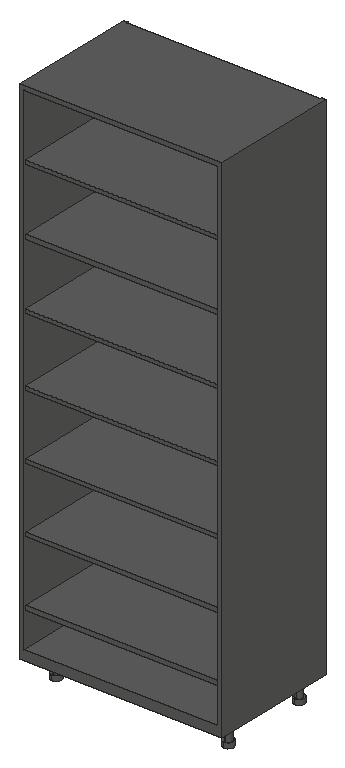
Revit family "Cabinet-Teknion-CETO_Tall_Cabinet_Open-R2023", category Furniture, Revit 2023
Family settings
  OmniClass Number = 23.40.20.00
  OmniClass Title = General Furniture and Specialties
  Work Plane-Based = No
  Enable Cutting in Views = No
  Always vertical = Yes
  Cut with Voids When Loaded = No
  Render Appearance Source = Family Geometry
  Shared = Yes
  Room Calculation Point = No
Parameters (values of type "24D,96H")
  Width [instance] = 36.000"
  Warranty = "http://www.teknion.com/ca/papers/legal-canada"
  Unit Weight URL = "http://www.teknion.com/ca/tools/assets#&asset=bee6a381-b954-425e-8283-5a2de3a804f2,f828d448-4b62-4231-9e5f-9a8991c0ed77"
  URL = "www.teknion.com"
  To render please download texture images found here [instance] = "https://assets.teknion.com/web/5e81352c1dfdb467/revit-material-swatches/"
  Sustainability Data = "https://www.teknion.com/ca/tools/assets#&topic=216f99a5-57a0-44fc-b10a-9dee9b29ae4c&asset=444deb64-fe58-4b68-981e-f75e97781df7,b4ff2d81-9f2e-437d-9659-7cffb09c31cf"
  Series = "Expansion Casework+"  # constant formula
  Product Page URL = "https://www.teknion.com/ca//products/product-details?productLineId=30ca1270-8e7a-673b-a6c8-ff05004460c4"
  Product Line = "Storage Cabinets"  # constant formula
  Product Documentation Link = "https://www.teknion.com/pricing/expansion-casework/pdfs/CETO_ppg.pdf"
  Part Number = "CETO"  # constant formula
  Model = "CETO24__96"
  Manufacturer Phone = "416-661-3370"  # constant formula
  Manufacturer Fax = "416.661.4586"  # constant formula
  Manufacturer Contact Information = "http://www.teknion.com/ca/contactus"
  Manufacturer Address = "1150 Flint Road, Toronto, ON. M3J 2J5. Canada"  # constant formula
  Manufacturer = "Teknion"  # constant formula
  Lower Shelf Dim = if(Height = 72.000", 31.350", 36.299")  # 36.299"
  How To Use Teknion Materials User Guide [instance] = "https://assets.teknion.com/m/205dd0a49fa58060/original/How-to-add-a-Material-Library-and-Texture-Images-to-your-Revit-project.pdf"
  Height = 96.000"
  For Additional Finishes please visit [instance] = "https://assets.teknion.com/m/44a8009b046e5d47/original/Teknion_Materials_Library.zip"
  Fixed Shelf Dim = if(Height = 96.000", 35.709", if(Height = 90.000", 29.709", if(Height = 84.000", 36.000", 31.325")))  # 35.709"
  Fixed Shelf = or(Height = 96.000", Height = 90.000")  # yes
  Description = "Tall Cabinet – Open, 24D, 96H"
  Default Elevation = 0.000"
  Case Finish [instance] = Source Laminate - Teknion - LE - Ebony
  Available Width [instance] = "12\",15\",18\",21\",24\",27\",30\",33\",36\""  # constant formula
  Assembly Code = "E2020200"
  Actual Depth = 25.024"
Types (5): name | Width | Model | Lower Shelf Dim | Height | Fixed Shelf Dim | Fixed Shelf | Description | Case Finish
  (no name) | 36.000" | "CETO24__96" | 36.299" | 96.000" | 35.709" | yes | "Tall Cabinet – Open, 24D, 96H" | Source Laminate - Teknion - LE - Ebony
  24D,72H | 36.000" | "CETO24__72" | 31.350" | 72.000" | 31.325" | no | "Tall Cabinet – Open, 24D, 72H" | Source Laminate - Teknion - XM - Maple
  24D,84H | 21.000" | "CETO24__84" | 36.299" | 84.000" | 36.000" | no | "Tall Cabinet – Open, 24D, 84H" | Veneer - Teknion - VB - Flintwood - Black Walnut
  24D,90H | 21.000" | "CETO24__90" | 36.299" | 90.000" | 29.709" | yes | "Tall Cabinet – Open, 24D, 90H" | Flintwood - Teknion - FX - Flax
  24D,96H | 36.000" | "CETO24__96" | 36.299" | 96.000" | 35.709" | yes | "Tall Cabinet – Open, 24D, 96H" | Source Laminate - Teknion - LE - Ebony
Reference planes (in)
  plane 1 "Center Front/Back": y = -15.01181
  plane 2: z = 0
  plane 3 "Center Left/Right": x = 18
  plane 4 "Left": x = 0
  plane 5 "Right": x = 36
  plane 6 "Back": y = -2.49981
  plane 7 "Front": y = -27.52381
  plane 8 "Top": z = 96
  plane 9: x = 2.64453
  plane 10: x = 33.35547
Forms (in)
  Sweep 1, solid, material "Source Laminate - Teknion - LE - Ebony" <- "Case Finish"
    path origin (0, -15.01181, 0) x (1, 0, 0) y (0, 0, 1)
      loop
        line (18, 96) -> (18, 4.13386)
    profile origin (18, -15.01181, 50.06693) x (0, -1, 0) y (1, 0, 0)
      loop
        line (-11.49587, 17.29921) -> (10.6498, 17.29921) -> (10.6498, 18) -> (-12.512, 18) -> (-12.512, 17.29921) -> (-12.19704, 17.29921) -> (-12.19704, -17.29921) -> (-12.512, -17.29921) -> (-12.512, -18) -> (10.6498, -18) -> (10.6498, -17.29921) -> (-11.49587, -17.29921) -> (-11.49587, 17.29921)
  Sweep 2, solid, material "Source Laminate - Teknion - LE - Ebony" <- "Case Finish"
    path origin (0, 0, 0) x (1, 0, 0) y (0, 1, 0)
      loop
        line (18, -3.51594) -> (18, -25.66161)
    profile origin (18, -14.58877, 0) x (1, 0, 0) y (0, 0, 1)
      loop
        line (-17.29921, 96) -> (-17.29921, 95.29921) -> (17.29921, 95.29921) -> (17.29921, 96) -> (-17.29921, 96)
      loop
        line (-17.29921, 5.85039) -> (-17.29921, 4.13386) -> (17.29921, 4.13386) -> (17.29921, 5.85039) -> (-17.29921, 5.85039)
  Sweep 3, solid, material "Source Laminate - Teknion - LE - Ebony" <- "Case Finish"
    path origin (0, 0, 0) x (1, 0, 0) y (0, 1, 0)
      loop
        line (18, -3.51594) -> (18, -25.46476)
    profile origin (18, -14.49035, 0) x (1, 0, 0) y (0, 0, 1)
      loop
        line (-17.29921, 84.097) -> (-17.29921, 83.39621) -> (17.29921, 83.39621) -> (17.29921, 84.097) -> (-17.29921, 84.097)
      loop
        line (-17.29921, 72.194) -> (-17.29921, 71.49321) -> (17.29921, 71.49321) -> (17.29921, 72.194) -> (-17.29921, 72.194)
      loop
        line (-17.29921, 60.291) -> (-17.29921, 59.59021) -> (17.29921, 59.59021) -> (17.29921, 60.291) -> (-17.29921, 60.291)
  Sweep 4, solid, material "Source Laminate - Teknion - LE - Ebony" <- "Case Finish", visible <- "Fixed Shelf"
    path origin (0, 0, 0) x (1, 0, 0) y (0, 1, 0)
      loop
        line (18, -3.51594) -> (18, -25.46476)
    profile origin (18, -14.49035, 0) x (1, 0, 0) y (0, 0, 1)
      loop
        line (-17.29921, 47.99966) -> (-17.29921, 47.29887) -> (17.29921, 47.29887) -> (17.29921, 47.99966) -> (-17.29921, 47.99966)
  Sweep 5, solid, material "Source Laminate - Teknion - LE - Ebony" <- "Case Finish"
    path origin (0, 0, 0) x (1, 0, 0) y (0, 1, 0)
      loop
        line (18, -3.51594) -> (18, -25.46476)
    profile origin (18, -14.49035, 0) x (1, 0, 0) y (0, 0, 1)
      loop
        line (-17.29921, 12.19685) -> (17.29921, 12.19685) -> (17.29921, 12.89764) -> (-17.29921, 12.89764) -> (-17.29921, 12.19685)
      loop
        line (-17.29921, 23.89753) -> (17.29921, 23.89753) -> (17.29921, 24.59832) -> (-17.29921, 24.59832) -> (-17.29921, 23.89753)
      loop
        line (-17.29921, 36.299) -> (-17.29921, 35.59821) -> (17.29921, 35.59821) -> (17.29921, 36.299) -> (-17.29921, 36.299)
  Revolve 6, solid, material "Source Laminate - Teknion - LE - Ebony"
    sketch origin (2.64453, 0, 48) x (0, 1, 0) y (0, 0, 1)
      loop
        line (-20.85452, -43.86614) -> (-20.85452, -48) -> (-19.91161, -48) -> (-19.91161, -47.2126) -> (-20.30446, -47.2126) -> (-20.30446, -44.88976) -> (-19.91731, -44.88976) -> (-19.91731, -43.86614) -> (-20.85452, -43.86614)
      axis (-20.85452, -43.86614) -> (-20.85452, -48)
    angle from 0 to 360
  Revolve 7, solid, material "Source Laminate - Teknion - LE - Ebony"
    sketch origin (2.64453, 20.5, 48) x (0, 1, 0) y (0, 0, 1)
      loop
        line (-25.59824, -43.86614) -> (-25.59824, -48) -> (-24.65532, -48) -> (-24.65532, -47.2126) -> (-25.04818, -47.2126) -> (-25.04818, -44.88976) -> (-24.66103, -44.88976) -> (-24.66103, -43.86614) -> (-25.59824, -43.86614)
      axis (-25.59824, -43.86614) -> (-25.59824, -48)
    angle from 0 to 360
  Revolve 8, solid, material "Source Laminate - Teknion - LE - Ebony"
    sketch origin (33.35547, 0, 48) x (0, 1, 0) y (0, 0, 1)
      loop
        line (-5.09824, -43.86614) -> (-5.09824, -48) -> (-4.15532, -48) -> (-4.15532, -47.2126) -> (-4.54818, -47.2126) -> (-4.54818, -44.88976) -> (-4.16103, -44.88976) -> (-4.16103, -43.86614) -> (-5.09824, -43.86614)
      axis (-5.09824, -43.86614) -> (-5.09824, -48)
    angle from 0 to 360
  Revolve 9, solid, material "Source Laminate - Teknion - LE - Ebony"
    sketch origin (33.35547, 0, 48) x (0, 1, 0) y (0, 0, 1)
      loop
        line (-20.85452, -43.86614) -> (-20.85452, -48) -> (-19.91161, -48) -> (-19.91161, -47.2126) -> (-20.30446, -47.2126) -> (-20.30446, -44.88976) -> (-19.91731, -44.88976) -> (-19.91731, -43.86614) -> (-20.85452, -43.86614)
      axis (-20.85452, -43.86614) -> (-20.85452, -48)
    angle from 0 to 360
Cuts and joins
  joined: Sweep 1, Sweep 2
Lines and regions (in)
  Masking region 1
    outline origin (0, 0, 0) x (1, 0, 0) y (0, 1, 0)
      loop
        line (0, -25.66161) -> (36, -25.66161) -> (36, -2.49981) -> (35.29921, -2.49981) -> (35.29921, -2.81477) -> (0.70079, -2.81477) -> (0.70079, -2.49981) -> (0, -2.49981) -> (0, -25.66161)
  symbolic lines, style "FurnitureHiddenLines", detail levels medium+fine
    curve 1: line (0.70079, -25.46476, 0) -> (35.29921, -25.46476, 0)
    curve 2: line (0.70079, -25.66161, 0) -> (0.70079, -3.51594, 0)
    curve 3: line (35.29921, -3.51594, 0) -> (35.29921, -25.66161, 0)
    curve 24: line (0.70079, -3.51594, 0) -> (35.29921, -3.51594, 0)
  symbolic lines, style "FurnitureHiddenLines", detail levels fine
    curve 4: arc (2.64453, -4.16103, 0) -> (1.70733, -5.09824, 0) -> (2.64453, -6.03544, 0) r 0.9372
    curve 5: arc (2.64453, -4.54818, 0) -> (2.09447, -5.09824, 0) -> (2.64453, -5.64829, 0) r 0.55006
    curve 6: arc (2.64453, -5.64829, 0) -> (3.19459, -5.09824, 0) -> (2.64453, -4.54818, 0) r 0.55006
    curve 7: arc (2.64453, -6.03544, 0) -> (3.58174, -5.09824, 0) -> (2.64453, -4.16103, 0) r 0.9372
    curve 8: arc (33.35547, -6.03544, 0) -> (32.41826, -5.09824, 0) -> (33.35547, -4.16103, 0) r 0.9372
    curve 9: arc (33.35547, -5.64829, 0) -> (32.80541, -5.09824, 0) -> (33.35547, -4.54818, 0) r 0.55006
    curve 10: arc (33.35547, -4.54818, 0) -> (33.90553, -5.09824, 0) -> (33.35547, -5.64829, 0) r 0.55006
    curve 11: arc (33.35547, -4.16103, 0) -> (34.29267, -5.09824, 0) -> (33.35547, -6.03544, 0) r 0.9372
    curve 12: arc (2.64453, -19.91731, 0) -> (1.70733, -20.85452, 0) -> (2.64453, -21.79172, 0) r 0.9372
    curve 13: arc (2.64453, -20.30446, 0) -> (2.09447, -20.85452, 0) -> (2.64453, -21.40458, 0) r 0.55006
    curve 14: arc (2.64453, -21.40458, 0) -> (3.19459, -20.85452, 0) -> (2.64453, -20.30446, 0) r 0.55006
    curve 15: arc (2.64453, -21.79172, 0) -> (3.58174, -20.85452, 0) -> (2.64453, -19.91731, 0) r 0.9372
    curve 16: arc (33.35547, -21.79172, 0) -> (32.41826, -20.85452, 0) -> (33.35547, -19.91731, 0) r 0.9372
    curve 17: arc (33.35547, -21.40458, 0) -> (32.80541, -20.85452, 0) -> (33.35547, -20.30446, 0) r 0.55006
    curve 18: arc (33.35547, -20.30446, 0) -> (33.90553, -20.85452, 0) -> (33.35547, -21.40458, 0) r 0.55006
    curve 19: arc (33.35547, -19.91731, 0) -> (34.29267, -20.85452, 0) -> (33.35547, -21.79172, 0) r 0.9372
  reference lines
    curve 20: line (0, -2.49981, 0) -> (36, -2.49981, 0)
    curve 21: line (0, 0, 0) -> (0, -30.02362, 0)
    curve 22: line (0, -27.52381, 0) -> (36, -27.52381, 0)
    curve 23: line (36, 0, 0) -> (36, -30.02362, 0)
Dimensions and locks (in)
  "Width": plane 4 "Left" to plane 5 "Right"
  "Actual Depth": plane 6 "Back" to plane 7 "Front"
  "Height": plane 8 "Top" to level
  equal spacing: plane 6 "Back", plane 1 "Center Front/Back", plane 7 "Front"
  equal spacing: plane 4 "Left", plane 3 "Center Left/Right", plane 5 "Right"
  locked: Sweep 1 sketch curve to plane 2 at 4.13386
  plane 4 "Left" to Sweep 1 sketch curve to Sweep 1 sketch curve = 0.70079" locked, 0.000" locked
  Sweep 1 sketch curve to Sweep 1 sketch curve to plane 5 "Right" = 0.000" locked, 0.70079" locked
  plane 6 "Back" to Sweep 1 sketch curve to Sweep 1 sketch curve = 0.31496" locked, 0.70117" locked
  plane 7 "Front" to Sweep 1 sketch curve to Sweep 1 sketch curve = 1.8622" locked, 0.000" locked
  locked: plane 8 "Top" to Sweep 2 sketch curve at 0.70079
  locked: Sweep 2 sketch curve to Sweep 2 sketch curve at 1.71654
  locked: cut or joined group of Sweep 1, Sweep 2 to Sweep 3 sketch curve at 0.19685
  "Fixed Shelf Dim": plane 8 "Top" to Sweep 3 sketch curve
  equal spacing: plane 8 "Top", Sweep 3 sketch curve, Sweep 3 sketch curve, Sweep 3 sketch curve
  locked: Sweep 3 sketch curve to Sweep 3 sketch curve at 0.70079  (x3)
  locked: Sweep 4 sketch curve to Sweep 4 sketch curve at 0.70079
  locked: Sweep 3 to Sweep 4 sketch curve at 11.59055
  locked: Sweep 5 sketch curve to Sweep 5 sketch curve at 0.70079  (x3)
  equal spacing: Sweep 5 sketch curve, Sweep 5 sketch curve, Sweep 5 sketch curve
  locked: Sweep 5 sketch curve to plane 2 at 12.19685
  "Lower Shelf Dim": Sweep 5 sketch curve to plane 2
  locked: plane 7 "Front" to Revolve 6 sketch curve at 6.66929
  Revolve 6 sketch curve to Revolve 6 sketch curve to Revolve 6 sketch curve to Revolve 6 sketch curve = 0.55006" locked, 0.38715" locked, 0.00571" locked
  Revolve 6 sketch curve to Revolve 6 sketch curve to plane 2 = 2.32283" locked, 0.7874" locked
  Revolve 7 sketch curve to Revolve 7 sketch curve to Revolve 7 sketch curve to Revolve 7 sketch curve = 0.55006" locked, 0.38715" locked, 0.00571" locked
  locked: Revolve 7 sketch curve to Revolve 7 sketch curve at 2.32283
  locked: Revolve 7 sketch curve to plane 6 "Back" at 2.59843
  Revolve 8 sketch curve to Revolve 8 sketch curve to Revolve 8 sketch curve to Revolve 8 sketch curve = 0.55006" locked, 0.38715" locked, 0.00571" locked
  locked: Revolve 8 sketch curve to Revolve 8 sketch curve at 2.32283
  locked: Revolve 8 sketch curve to plane 6 "Back" at 2.59843
  Revolve 9 sketch curve to Revolve 9 sketch curve to Revolve 9 sketch curve to Revolve 9 sketch curve = 0.55006" locked, 0.38715" locked, 0.00571" locked
  locked: Revolve 9 sketch curve to Revolve 9 sketch curve at 2.32283
  locked: plane 7 "Front" to Revolve 9 sketch curve at 6.66929
  locked: plane 4 "Left" to plane 9 at 2.64453
  locked: plane 10 to plane 5 "Right" at 2.64453
  locked: Revolve 7 sketch curve to plane 2 at 0.7874
  locked: Revolve 8 sketch curve to plane 2 at 0.7874
  locked: Revolve 9 sketch curve to plane 2 at 0.7874
  aligned and locked: level to plane 2
  aligned and locked: Sweep 1 sketch curve to plane 3 "Center Left/Right"
  aligned and locked: plane 8 "Top" to Sweep 1 sketch curve
  aligned and locked: plane 4 "Left" to Sweep 1 sketch curve
  aligned and locked: plane 6 "Back" to Sweep 1 sketch curve
  aligned and locked: Sweep 1 sketch curve to plane 5 "Right"
  aligned and locked: Sweep 2 sketch curve to plane 3 "Center Left/Right"
  aligned and locked: Sweep 1 to Sweep 2 sketch curve  (x4)
  aligned and locked: Sweep 2 sketch curve to Sweep 1  (x3)
  aligned and locked: Sweep 2 sketch curve to plane 8 "Top"
  aligned and locked: Sweep 3 sketch curve to plane 3 "Center Left/Right"
  aligned and locked: cut or joined group of Sweep 1, Sweep 2 to Sweep 3 sketch curve  (x7)
  aligned and locked: Sweep 4 sketch curve to plane 3 "Center Left/Right"
  aligned and locked: Sweep 3 to Sweep 4 sketch curve  (x2)
  aligned and locked: cut or joined group of Sweep 1, Sweep 2 to Sweep 4 sketch curve  (x2)
  aligned and locked: Sweep 5 sketch curve to plane 3 "Center Left/Right"
  aligned and locked: Sweep 3 to Sweep 5 sketch curve  (x2)
  aligned and locked: Sweep 5 sketch curve to cut or joined group of Sweep 1, Sweep 2  (x4)
  aligned and locked: cut or joined group of Sweep 1, Sweep 2 to Sweep 5 sketch curve  (x2)
  aligned and locked: plane 2 to Revolve 6 sketch curve
  aligned and locked: cut or joined group of Sweep 1, Sweep 2 to Revolve 6 sketch curve  (x2)
  aligned and locked: Revolve 6 sketch curve to plane 2
  aligned and locked: Revolve 6 sketch curve to Revolve 6 sketch curve
  aligned and locked: Revolve 7 sketch curve to Revolve 7 sketch curve
  aligned and locked: cut or joined group of Sweep 1, Sweep 2 to Revolve 7 sketch curve
  aligned and locked: Revolve 7 sketch curve to plane 2
  aligned and locked: Revolve 8 sketch curve to Revolve 8 sketch curve
  aligned and locked: cut or joined group of Sweep 1, Sweep 2 to Revolve 8 sketch curve
  aligned and locked: Revolve 8 sketch curve to plane 2
  aligned and locked: Revolve 9 sketch curve to Revolve 9 sketch curve
  aligned and locked: cut or joined group of Sweep 1, Sweep 2 to Revolve 9 sketch curve
  aligned and locked: Revolve 9 sketch curve to plane 2
  aligned and locked: Masking region 1 sketch curve to cut or joined group of Sweep 1, Sweep 2  (x6)
  aligned and locked: Masking region 1 sketch curve to plane 5 "Right"
  aligned and locked: curve 1 to Sweep 3
  aligned and locked: curve 2 to cut or joined group of Sweep 1, Sweep 2
  aligned and locked: cut or joined group of Sweep 1, Sweep 2 to curve 3
  aligned and locked: curve 4 to Revolve 7
  aligned and locked: curve 5 to Revolve 7
  aligned and locked: curve 6 to Revolve 7
  aligned and locked: curve 7 to Revolve 7
  aligned and locked: curve 8 to Revolve 8
  aligned and locked: curve 9 to Revolve 8
  aligned and locked: curve 10 to Revolve 8
  aligned and locked: curve 11 to Revolve 8
  aligned and locked: curve 12 to Revolve 6
  aligned and locked: curve 13 to Revolve 6
  aligned and locked: curve 14 to Revolve 6
  aligned and locked: curve 15 to Revolve 6
  aligned and locked: curve 16 to Revolve 9
  aligned and locked: curve 17 to Revolve 9
  aligned and locked: curve 18 to Revolve 9
  aligned and locked: curve 19 to Revolve 9
  aligned and locked: nested 1 to plane 6 "Back"
  aligned and locked: plane 4 "Left" to nested 1
  aligned and locked: nested 4 to plane 6 "Back"
  aligned and locked: nested 4 to plane 5 "Right"
  aligned and locked: nested 3 to plane 5 "Right"
  aligned and locked: cut or joined group of Sweep 1, Sweep 2 to nested 3
  aligned and locked: nested 2 to cut or joined group of Sweep 1, Sweep 2
  aligned and locked: plane 4 "Left" to nested 2
  aligned and locked: Sweep 1 sketch curve to plane 6 "Back"
  aligned and locked: curve 20 to plane 6 "Back"
  aligned and locked: curve 21 to plane 4 "Left"
  aligned and locked: curve 22 to plane 7 "Front"
  aligned and locked: curve 23 to plane 5 "Right"
  aligned and locked: curve 24 to Sweep 3
Automatic sketch dimensions
  Revolve 7 sketch curve to level = 0.000"
  Revolve 7 sketch curve to Revolve 7 sketch curve = 0.000"
  Revolve 8 sketch curve to level = 0.000"
  Revolve 8 sketch curve to Revolve 8 sketch curve = 0.000"
  Revolve 9 sketch curve to level = 0.000"
  Revolve 9 sketch curve to Revolve 9 sketch curve = 0.000"
  Masking region 1 sketch curve to plane 6 "Back" = 0.000"
  curve 2 to curve 1 = 0.19685"
  curve 3 to curve 1 = 0.19685"
  plane 7 "Front" to curve 21 = 2.49981"
  plane 6 "Back" to curve 21 = 2.49981"
  plane 7 "Front" to curve 23 = 2.49981"
  plane 6 "Back" to curve 23 = 2.49981"
Nested families (in)
  nested 1: "Teknion_2D_Node_Family-R2016" at (0, -2.49981, 0), type "Teknion_2D_Node_Family-R2016"
  nested 2: "Teknion_2D_Node_Family-R2016" at (0, -25.66161, 0), type "Teknion_2D_Node_Family-R2016"
  nested 3: "Teknion_2D_Node_Family-R2016" at (36, -25.66161, 0), type "Teknion_2D_Node_Family-R2016"
  nested 4: "Teknion_2D_Node_Family-R2016" at (36, -2.49981, 0), type "Teknion_2D_Node_Family-R2016"
Definition of nested family "Teknion_2D_Node_Family-R2016"
  Reference planes (in)
    plane 1 "Center (Front/Back)": y = 0
    plane 2: z = 0
    plane 3 "Center (Left/Right)": x = 0
  Lines and regions (in)
    detail lines, in view "Ref. Level"
      curve 1: circle (0, 0, 0) r 1.25 normal (0, 0, 1)
      curve 2: line (1.91508, -1.91508, 0) -> (-1.91508, 1.91508, 0)
      curve 3: line (-1.91508, -1.91508, 0) -> (1.91508, 1.91508, 0)
